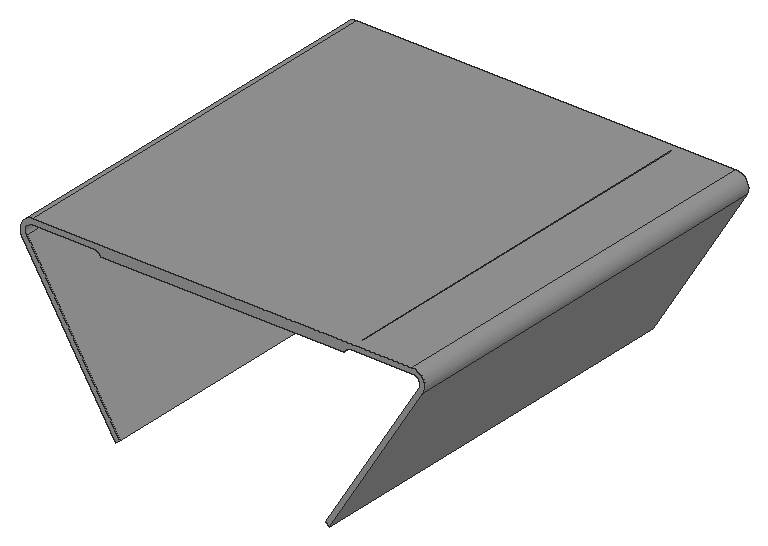
Revit family "ACC-MNT-9", category Security Devices, host Face, Revit 2019
Family settings
  Host = Face
  Maintain Annotation Orientation = Yes
  Round Connector Dimension = Use Diameter
  Part Type = Normal
  Cut with Voids When Loaded = No
  Shared = No
  Room Calculation Point = No
Parameters
  URL = "https://docs.verkada.com/docs/accessories-overview.pdf"
  Type Image = <None>
  Model = "ACC-MNT-9"
  Manufacturer = "VERKADA"  # constant formula
  Description = "POLE MOUNT"
  Default Elevation = 2438.40 mm  # constant formula
Reference planes
  plane 1 "Center (Front/Back)": y = 0
  plane 2: z = 0
  plane 3 "Center (Left/Right)": x = 0
Forms (mm)
  Extrusion 1, solid, material "Verkada White"
    sketch origin (0, 0, 21.209) x (1, 0, 0) y (0, 0, 1)
      loop
        line (-79.335, 7.388) -> (-42.454, -52.797) -> (-40.749, -51.752) -> (-77.63, 8.433)
        arc (-77.63, 8.433) -> (-77.689, 11.466) -> (-75.072, 13) r 3
        line (-75.072, 13) -> (-51, 13)
        arc (-51, 13) -> (-50.556, 13.011) -> (-50.115, 12.954) r 2.889
        arc (-50.115, 12.954) -> (-48.937, 12.123) -> (-48.032, 11) r 5.18
        line (-48.032, 11) -> (48.032, 11)
        arc (48.032, 11) -> (48.937, 12.123) -> (50.115, 12.954) r 5.18
        arc (50.115, 12.954) -> (50.68, 13.009) -> (51.248, 13) r 5.033
        line (51.248, 13) -> (75.072, 13)
        arc (75.072, 13) -> (77.689, 11.466) -> (77.63, 8.433) r 3
        line (77.63, 8.433) -> (40.749, -51.752) -> (42.454, -52.797) -> (79.335, 7.388)
        arc (79.335, 7.388) -> (79.434, 12.443) -> (75.072, 15) r 5
        line (75.072, 15) -> (-75.072, 15)
        arc (-75.072, 15) -> (-79.434, 12.443) -> (-79.335, 7.388) r 5
    from -80 to 80
Dimensions and locks
  aligned and locked: plane 2 to host face
  aligned and locked: level to host face
